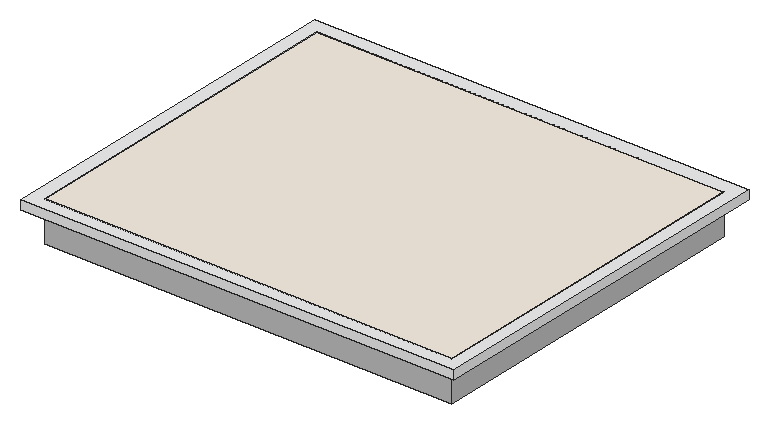
Revit family "Lighting-Industrial-GEWISS-ELIA-HL-LED_HIGHBAY", category Apparecchi per illuminazione, host Superficie, Revit 2019 (continued)
Types (12, lengths in mm): name | Weight (kg): | Weight (kg) | Voltage | Technical sheet | System power | Optic | built-in parameter 1150142 | Lumen output (lm) | Model | IDT | File diagramma fotometrico | Description
    9.22 2498.66 2401.49 \r\n2311.07 2224.04 2140.38 2060.11 1982.37 1908.01 1837.03 \r\n1768.59 1702.08 1638.20 1577.87 1519.56 1461.77 1405.91 \r\n1353.69 1303.33 1253.30 1204.13 1154.86 1107.29 1063.60 \r\n1022.28 981.97 943.53 907.78 873.73 840.44 808.24 777.48 \r\n748.08 719.60 692.39 666.62 642.28 619.30 597.41 576.46 \r\n556.01 535.56 515.37 495.17 475.57 457.57 440.75 425.80 \r\n411.35 396.39 380.84 363.77 347.04 332.34 318.82 306.23 \r\n294.40 282.91 271.75 261.10 251.73 244.80 239.05 233.39 \r\n227.73 222.32 215.39 204.07 191.39 180.49 169.46 157.63 \r\n144.89 130.60 115.60 100.43 85.37 70.87 57.02 43.80 31.96 \r\n22.22 14.54 9.24 5.75 3.57 2.87 \r\n12448.54 12447.69 12442.62 12435.02 12423.19 12407.98 \r\n12389.39 12369.11 12346.29 12320.94 12292.22 12261.79 \r\n12228.84 12192.50 12154.48 12115.61 12073.36 12030.26 \r\n11985.48 11936.47 11887.46 11837.60 11786.06 11731.13 \r\n11673.67 11613.68 11550.31 11482.70 11412.57 11340.74 \r\n11265.54 11187.80 11108.37 11025.56 10941.06 10858.25 \r\n10774.59 10689.25 10602.22 10513.49 10422.23 10329.28 \r\n10232.10 10126.48 10014.09 9897.48 9774.96 9649.06 \r\n9519.77 9388.79 9255.28 9120.08 8979.82 8833.63 8678.15 \r\n8510.84 8334.23 8148.33 7959.05 7767.24 7576.27 7389.52 \r\n7204.47 7021.95 6841.12 6661.13 6481.99 6303.70 6128.78 \r\n5960.63 5795.01 5630.23 5466.30 5304.91 5147.74 4995.64 \r\n4847.77 4703.27 4563.00 4424.42 4289.22 4157.40 4026.42 \r\n3896.30 3768.70 3639.41 3511.82 3385.91 3262.55 3141.71 \r\n3025.10 2914.40 2807.09 2700.62 2597.53 2496.13 2399.80 \r\n2308.54 2223.20 2138.69 2058.42 1981.52 1906.32 1835.34 \r\n1766.89 1699.97 1635.67 1575.08 1516.52 1458.55 1402.70 \r\n1350.48 1300.20 1250.43 1201.51 1152.50 1105.34 1061.91 \r\n1020.68 980.28 941.92 906.26 872.29 838.83 806.47 775.96 \r\n746.56 718.33 691.21 665.35 640.93 617.86 596.06 575.19 \r\n554.91 534.72 514.60 494.32 474.81 456.72 439.99 424.87 \r\n410.33 395.46 380.08 363.35 346.79 332.17 318.65 306.06 \r\n294.06 282.31 271.33 260.77 251.47 244.97 239.39 233.39 \r\n227.30 221.56 214.29 203.14 190.80 179.98 168.92 156.98 \r\n144.15 130.05 115.28 100.19 85.18 70.75 56.94 43.69 31.81 \r\n22.14 14.51 9.24 5.77 3.59 2.87 \r\n12448.54 12447.69 12442.62 12435.02 12423.19 12407.98 \r\n12389.39 12369.95 12346.29 12320.94 12293.90 12262.64 \r\n12229.68 12193.35 12155.32 12115.61 12075.05 12031.95 \r\n11987.17 11939.85 11889.99 11840.14 11788.59 11733.67 \r\n11676.21 11616.22 11552.84 11485.24 11415.10 11343.28 \r\n11267.23 11191.18 11111.75 11028.94 10945.28 10862.47 \r\n10778.82 10693.47 10606.44 10517.72 10427.30 10335.19 \r\n10237.17 10131.55 10019.16 9902.56 9781.72 9655.81 \r\n9527.38 9396.40 9263.73 9126.84 8987.42 8841.23 8684.91 \r\n8517.60 8340.99 8156.78 7966.66 7775.69 7586.41 7398.82 \r\n7213.76 7029.55 6847.03 6667.05 6487.91 6310.46 6134.70 \r\n5966.55 5800.92 5635.30 5472.22 5310.82 5152.81 4999.86 \r\n4850.30 4705.80 4563.85 4425.27 4289.22 4155.71 4024.73 \r\n3895.45 3766.16 3638.57 3510.97 3385.07 3260.85 3140.86 \r\n3024.25 2913.56 2806.24 2700.62 2596.68 2496.13 2398.95 \r\n2308.54 2221.50 2137.85 2057.57 1980.68 1905.47 1833.65 \r\n1765.20 1698.45 1633.81 1572.71 1513.90 1455.77 1399.83 \r\n1347.69 1297.50 1247.98 1199.22 1150.64 1103.91 1060.64 \r\n1019.41 979.10 940.65 905.08 871.11 837.56 805.20 774.70 \r\n745.54 717.32 690.37 664.51 639.83 616.85 594.96 574.18 \r\n554.07 534.04 514.18 493.90 474.21 456.22 439.32 424.11 \r\n409.40 394.53 379.40 362.93 346.70 332.25 318.65 305.89 \r\n293.81 281.98 270.82 260.51 251.47 245.13 239.56 233.30 \r\n226.88 220.71 213.19 202.21 190.12 179.39 168.27 156.22 \r\n143.30 129.40 114.89 99.89 84.91 70.54 56.78 43.51 31.62 \r\n22.01 14.46 9.22 5.78 3.61 2.88 \r\n12448.54 12447.69 12443.47 12435.02 12424.03 12408.82 \r\n12390.23 12369.95 12347.98 12322.63 12293.90 12263.48 \r\n12230.53 12195.04 12157.01 12117.30 12076.74 12034.49 \r\n11988.86 11941.54 11893.37 11843.52 11791.13 11736.20 \r\n11678.74 11618.75 11554.53 11486.93 11417.64 11345.81 \r\n11270.61 11193.72 11115.13 11033.16 10949.51 10866.70 \r\n10783.89 10698.54 10612.35 10523.63 10433.22 10340.26 \r\n10243.93 10137.47 10025.92 9910.16 9789.32 9663.42 \r\n9535.82 9404.85 9271.34 9135.29 8995.02 8847.99 8693.36 \r\n8525.20 8349.44 8165.23 7975.95 7785.83 7595.70 7408.96 \r\n7222.22 7037.16 6854.64 6673.81 6494.67 6315.53 6140.61 \r\n5972.46 5807.68 5641.22 5477.29 5315.89 5157.88 5004.09 \r\n4854.52 4708.34 4565.53 4425.27 4288.38 4154.86 4022.20 \r\n3892.91 3764.47 3636.03 3509.28 3383.38 3260.85 3140.02 \r\n3023.41 2913.56 2806.24 2701.46 2597.53 2495.28 2398.95 \r\n2308.54 2221.50 2137.85 2057.57 1979.84 1905.47 1832.80 \r\n1763.51 1696.76 1632.37 1570.94 1511.70 1453.40 1397.38 \r\n1345.32 1295.30 1245.78 1197.20 1149.20 1102.89 1059.71 \r\n1018.65 978.34 939.98 904.32 870.35 836.63 804.19 773.77 \r\n744.70 716.73 689.94 663.92 639.16 616.00 594.03 573.33 \r\n553.31 533.53 513.84 493.65 473.96 455.88 438.98 423.43 \r\n408.56 393.69 378.64 362.50 346.70 332.34 318.90 305.97 \r\n293.72 281.72 270.40 260.09 251.39 245.22 239.90 233.39 \r\n226.46 219.78 212.01 201.19 189.45 178.72 167.61 155.36 \r\n142.35 128.68 114.44 99.52 84.58 70.24 56.51 43.26 31.38 \r\n21.85 14.39 9.20 5.78 3.62 2.89 \r\n12448.54 12447.69 12443.47 12435.02 12424.03 12408.82 \r\n12391.08 12370.80 12347.98 12322.63 12295.59 12265.17 \r\n12231.37 12195.04 12158.70 12119.83 12079.27 12037.02 \r\n11991.39 11945.76 11895.91 11846.06 11793.66 11738.74 \r\n11681.28 11620.44 11557.06 11490.31 11420.17 11348.35 \r\n11273.99 11197.09 11119.35 11037.39 10954.58 10872.61 \r\n10788.96 10704.46 10618.27 10529.54 10439.13 10346.18 \r\n10249.85 10143.38 10032.68 9916.92 9797.77 9672.72 \r\n9544.27 9414.14 9279.79 9143.74 9003.47 8856.44 8700.97 \r\n8533.65 8357.89 8173.68 7985.25 7795.97 7606.69 7418.25 \r\n7230.66 7044.76 6860.55 6678.88 6499.74 6322.29 6147.37 \r\n5979.22 5812.75 5646.29 5482.36 5321.81 5163.80 5009.16 \r\n4857.90 4710.03 4566.38 4425.27 4287.53 4152.33 4020.51 \r\n3890.38 3761.94 3635.19 3508.44 3382.53 3260.01 3139.17 \r\n3022.56 2913.56 2807.09 2701.46 2596.68 2496.13 2398.95 \r\n2308.54 2222.35 2138.69 2058.42 1980.68 1905.47 1832.80 \r\n1763.51 1695.91 1631.61 1569.67 1510.01 1451.54 1395.52 \r\n1343.38 1293.44 1244.01 1195.67 1148.02 1102.22 1059.21 \r\n1018.14 977.92 939.47 903.90 869.84 836.04 803.59 773.17 \r\n744.19 716.39 689.69 663.58 638.74 615.33 593.44 572.74 \r\n552.71 533.11 513.59 493.56 473.88 455.79 438.72 423.01 \r\n407.88 392.92 377.97 362.25 346.79 332.68 319.24 306.14 \r\n293.55 281.38 269.98 259.84 251.39 245.39 239.98 233.39 \r\n226.12 218.94 210.74 200.10 188.60 177.96 166.84 154.44 \r\n141.33 127.88 113.91 99.08 84.17 69.88 56.18 42.93 31.10 \r\n21.67 14.31 9.17 5.77 3.62 2.90 \r\n12448.54 12447.69 12443.47 12435.02 12424.03 12409.67 \r\n12391.92 12371.64 12349.67 12324.32 12296.44 12265.17 \r\n12231.37 12196.73 12159.55 12121.52 12081.81 12039.56 \r\n11994.77 11948.30 11899.29 11849.43 11797.04 11741.27 \r\n11682.97 11622.97 11558.75 11492.00 11422.71 11350.88 \r\n11278.22 11202.16 11123.58 11041.61 10959.65 10877.68 \r\n10794.88 10710.38 10623.34 10535.46 10445.04 10352.94 \r\n10254.92 10150.14 10039.44 9924.52 9805.38 9681.16 \r\n9553.57 9422.59 9288.24 9153.04 9011.92 8865.74 8710.26 \r\n8542.95 8367.19 8183.82 7996.23 7807.80 7618.52 7428.39 \r\n7240.80 7052.37 6866.47 6684.80 6505.65 6328.20 6153.29 \r\n5985.13 5818.67 5653.05 5488.27 5327.72 5169.71 5013.38 \r\n4862.13 4713.41 4568.07 4425.27 4286.68 4150.64 4017.97 \r\n3887.84 3759.40 3632.65 3506.75 3381.69 3258.32 3138.33 \r\n3022.56 2913.56 2807.93 2702.31 2598.38 2496.97 2399.80 \r\n2308.54 2222.35 2138.69 2059.26 1980.68 1905.47 1832.80 \r\n1763.51 1696.76 1631.19 1568.91 1508.75 1450.19 1394.08 \r\n1341.94 1291.92 1242.57 1194.32 1147.26 1101.80 1059.04 \r\n1017.89 977.83 939.39 903.73 869.59 835.70 803.17 772.75 \r\n743.94 716.39 689.69 663.58 638.40 614.99 592.94 572.15 \r\n552.21 532.86 513.51 493.56 474.04 455.96 438.72 422.67 \r\n407.12 392.16 377.29 362.00 347.04 333.10 319.66 306.40 \r\n293.64 281.13 269.64 259.67 251.30 245.56 240.15 233.30 \r\n225.70 218.01 209.56 199.08 187.84 177.20 166.06 153.46 \r\n140.23 127.01 113.31 98.58 83.71 69.44 55.77 42.57 30.80 \r\n21.47 14.21 9.13 5.76 3.63 2.90 \r\n12448.54 12447.69 12443.47 12435.02 12424.03 12409.67 \r\n12391.92 12371.64 12349.67 12325.17 12298.13 12266.02 \r\n12233.06 12199.26 12162.08 12124.06 12084.34 12042.09 \r\n11998.16 11951.68 11903.51 11852.81 11799.58 11744.66 \r\n11686.35 11625.51 11561.29 11495.38 11425.24 11354.26 \r\n11280.75 11206.39 11127.81 11046.68 10964.72 10883.60 \r\n10800.79 10715.44 10629.25 10541.38 10451.81 10358.85 \r\n10261.68 10156.90 10045.36 9932.13 9813.83 9690.46 \r\n9562.86 9431.89 9298.38 9161.49 9021.22 8875.03 8719.56 \r\n8552.24 8376.48 8193.97 8006.37 7818.78 7629.50 7439.38 \r\n7249.25 7059.97 6873.23 6690.71 6510.72 6333.27 6159.20 \r\n5991.05 5825.43 5658.97 5493.34 5332.80 5174.78 5017.61 \r\n4864.66 4715.10 4568.07 4425.27 4284.99 4148.10 4014.59 \r\n3885.31 3756.87 3630.12 3505.06 3380.84 3257.47 3137.48 \r\n3021.72 2913.56 2807.93 2702.31 2599.22 2497.82 2400.64 \r\n2309.38 2223.20 2140.38 2060.11 1982.37 1905.47 1832.80 \r\n1763.51 1696.34 1631.27 1568.57 1507.99 1449.26 1393.24 \r\n1340.93 1290.82 1241.47 1193.39 1146.75 1101.80 1059.12 \r\n1018.06 977.92 939.56 903.81 869.59 835.62 803.09 772.75 \r\n743.94 716.48 689.94 663.75 638.48 614.82 592.60 571.81 \r\n551.95 532.60 513.51 493.73 474.30 456.22 438.89 422.42 \r\n406.61 391.40 376.70 361.74 347.21 333.52 320.09 306.65 \r\n293.64 280.96 269.47 259.50 251.22 245.56 240.32 233.22 \r\n225.28 217.16 208.29 197.98 187.00 176.35 165.19 152.40 \r\n139.08 126.09 112.66 98.00 83.16 68.94 55.29 42.16 30.47 \r\n21.26 14.11 9.08 5.74 3.63 2.91 \r\n12448.54 12447.69 12443.47 12435.86 12424.88 12409.67 \r\n12391.92 12372.49 12351.36 12326.86 12298.13 12267.71 \r\n12234.75 12200.11 12163.77 12126.59 12086.88 12044.63 \r\n12000.69 11955.06 11906.89 11856.19 11802.96 11747.19 \r\n11688.88 11628.04 11563.82 11497.07 11428.62 11357.64 \r\n11284.97 11208.92 11132.03 11052.60 10969.79 10888.67 \r\n10806.70 10721.36 10635.17 10547.29 10457.72 10365.61 \r\n10268.44 10162.81 10052.97 9940.58 9822.28 9699.75 \r\n9572.16 9441.18 9307.67 9171.63 9029.67 8883.48 8728.85 \r\n8562.38 8386.63 8204.10 8016.51 7829.77 7641.33 7449.52 \r\n7258.55 7066.73 6878.30 6695.78 6514.95 6338.34 6164.27 \r\n5996.97 5830.50 5664.03 5499.26 5337.86 5179.00 5021.83 \r\n4868.05 4715.94 4568.91 4424.42 4283.30 4146.41 4012.06 \r\n3881.08 3753.49 3627.58 3503.37 3379.15 3255.78 3136.64 \r\n3021.72 2913.56 2808.78 2704.00 2600.06 2499.51 2402.34 \r\n2311.92 2224.88 2141.23 2061.80 1983.21 1907.16 1834.49 \r\n1764.36 1696.59 1631.78 1568.57 1507.73 1448.84 1392.73 \r\n1340.34 1290.15 1240.71 1192.80 1146.58 1101.96 1059.38 \r\n1018.39 978.26 939.98 904.15 869.84 835.87 803.26 772.92 \r\n744.19 716.73 690.37 664.09 638.65 614.82 592.43 571.56 \r\n551.70 532.52 513.51 493.99 474.72 456.55 439.15 422.33 \r\n406.02 390.81 376.11 361.58 347.46 333.94 320.68 307.07 \r\n293.81 280.88 269.13 259.33 251.22 245.56 240.40 233.05 \r\n224.77 216.24 207.11 196.80 186.07 175.46 164.23 151.31 \r\n137.90 125.10 111.94 97.36 82.56 68.36 54.76 41.71 30.12 \r\n21.04 14.01 9.03 5.72 3.63 2.91 \r\n12448.54 12447.69 12442.62 12435.86 12424.88 12410.51 \r\n12392.77 12374.18 12352.21 12326.86 12298.97 12268.56 \r\n12236.44 12201.80 12166.31 12129.13 12089.41 12048.01 \r\n12003.22 11958.44 11910.27 11858.73 11805.49 11749.72 \r\n11691.42 11629.73 11566.36 11499.60 11432.00 11361.87 \r\n11288.35 11213.99 11137.10 11056.82 10975.70 10895.43 \r\n10812.62 10728.12 10641.08 10554.05 10464.48 10371.53 \r\n10275.20 10170.42 10060.57 9948.18 9831.57 9708.20 \r\n9581.45 9451.32 9316.97 9180.92 9038.97 8892.78 8738.14 \r\n8571.68 8396.76 8215.09 8028.34 7841.60 7653.16 7460.50 \r\n7266.15 7073.49 6883.37 6700.00 6519.17 6342.57 6169.34 \r\n6001.19 5835.57 5668.26 5502.64 5342.09 5184.07 5026.06 \r\n4870.58 4717.63 4568.91 4424.42 4281.61 4143.88 4008.68 \r\n3877.70 3750.11 3624.20 3500.83 3376.62 3254.94 3135.80 \r\n3020.87 2913.56 2809.62 2704.84 2601.75 2500.35 2404.02 \r\n2312.76 2226.57 2142.92 2063.49 1984.06 1908.85 1835.34 \r\n1765.20 1698.11 1632.62 1569.08 1507.82 1448.84 1392.81 \r\n1340.17 1289.89 1240.38 1192.55 1146.58 1102.56 1059.97 \r\n1018.82 978.85 940.48 904.57 870.18 836.13 803.59 773.26 \r\n744.44 717.24 690.79 664.51 639.07 614.99 592.34 571.30 \r\n551.45 532.43 513.59 494.24 475.23 457.06 439.48 422.25 \r\n405.68 390.22 375.69 361.49 347.72 334.45 321.10 307.41 \r\n293.81 280.79 268.96 259.16 251.13 245.56 240.32 232.80 \r\n224.35 215.39 205.84 195.79 185.14 174.57 163.23 150.18 \r\n136.70 124.09 111.13 96.65 81.90 67.74 54.18 41.24 29.77 \r\n20.82 13.90 8.98 5.69 3.62 2.92 \r\n12448.54 12447.69 12442.62 12435.86 12424.88 12410.51 \r\n12392.77 12374.18 12353.06 12327.70 12300.66 12270.24 \r\n12237.29 12203.49 12168.00 12130.82 12091.10 12049.70 \r\n12006.60 11960.97 11912.81 11862.11 11808.87 11752.26 \r\n11694.80 11633.11 11568.89 11502.98 11434.54 11365.25 \r\n11292.58 11218.22 11141.32 11062.74 10981.62 10900.50 \r\n10818.53 10734.03 10647.00 10559.97 10470.39 10378.29 \r\n10281.11 10177.18 10067.33 9956.63 9840.02 9717.50 \r\n9590.75 9460.62 9327.11 9190.22 9048.26 8902.07 8748.28 \r\n8581.82 8407.75 8225.23 8039.33 7852.58 7664.15 7470.64 \r\n7275.45 7081.10 6888.44 6704.23 6523.40 6346.80 6174.41 \r\n6005.41 5838.95 5671.64 5506.86 5346.31 5186.61 5028.59 \r\n4872.27 4718.48 4568.91 4422.73 4279.92 4140.50 4005.30 \r\n3874.32 3746.73 3621.67 3499.14 3374.93 3253.25 3134.95 \r\n3020.87 2913.56 2810.47 2705.69 2602.60 2501.20 2404.87 \r\n2314.45 2228.26 2144.61 2064.34 1985.75 1909.70 1837.03 \r\n1766.05 1699.29 1633.81 1570.01 1508.41 1449.43 1393.24 \r\n1340.59 1290.06 1240.38 1192.46 1146.92 1103.15 1060.64 \r\n1019.49 979.52 941.25 905.25 870.69 836.63 804.10 773.68 \r\n744.95 717.74 691.38 665.01 639.50 615.24 592.34 571.30 \r\n551.36 532.27 513.59 494.58 475.73 457.65 439.91 422.25 \r\n405.35 389.80 375.10 361.32 348.06 334.79 321.61 307.75 \r\n293.98 280.79 268.79 258.99 251.05 245.47 240.15 232.54 \r\n223.84 214.55 204.74 194.60 184.29 173.61 162.19 149.02 \r\n135.47 123.02 110.28 95.88 81.18 67.06 53.56 40.74 29.42 \r\n20.62 13.80 8.93 5.66 3.62 2.92 \r\n12448.54 12447.69 12442.62 12435.86 12424.88 12410.51 \r\n12393.61 12375.02 12353.90 12329.39 12301.51 12271.09 \r\n12238.13 12204.33 12168.84 12132.51 12092.79 12051.39 \r\n12008.29 11962.66 11914.50 11863.80 11810.56 11753.95 \r\n11696.49 11634.81 11571.43 11505.52 11437.92 11367.78 \r\n11295.96 11222.44 11145.55 11066.97 10985.84 10905.57 \r\n10822.76 10738.26 10652.07 10564.19 10474.62 10382.51 \r\n10286.18 10183.09 10073.24 9962.55 9846.78 9725.10 \r\n9597.51 9468.22 9334.72 9197.82 9056.71 8911.37 8756.73 \r\n8591.96 8417.89 8236.22 8049.47 7862.72 7672.60 7477.40 \r\n7281.36 7084.48 6890.97 6704.23 6524.24 6346.80 6174.41 \r\n6005.41 5838.95 5671.64 5506.02 5344.63 5185.77 5026.90 \r\n4869.73 4715.94 4565.53 4419.35 4277.39 4137.12 4001.07 \r\n3869.25 3740.81 3616.60 3494.07 3370.70 3249.87 3132.41 \r\n3019.18 2911.87 2808.78 2704.00 2602.60 2502.89 2406.56 \r\n2316.14 2229.11 2146.30 2066.87 1988.28 1912.23 1839.56 \r\n1769.43 1701.75 1636.68 1572.97 1511.70 1452.89 1396.70 \r\n1343.47 1292.43 1242.32 1194.15 1148.36 1104.58 1061.91 \r\n1020.68 980.54 942.17 906.09 871.45 837.56 805.03 774.61 \r\n745.80 718.50 692.05 665.78 640.26 615.84 592.85 571.56 \r\n551.36 532.10 513.42 494.75 476.41 458.24 440.41 422.50 \r\n405.26 389.71 375.18 361.41 348.14 335.04 321.78 307.92 \r\n294.23 281.05 268.96 258.99 250.80 245.05 239.56 231.87 \r\n223.33 213.95 203.98 193.76 183.20 172.52 161.04 147.86 \r\n134.30 121.83 109.10 94.78 80.20 66.21 52.87 40.29 29.19 \r\n20.51 13.76 8.91 5.64 3.60 2.90 \r\n12448.54 12447.69 12442.62 12435.86 12424.88 12411.36 \r\n12393.61 12375.02 12354.74 12330.24 12303.20 12271.93 \r\n12240.67 12206.02 12170.53 12133.35 12094.48 12053.92 \r\n12009.98 11964.35 11917.03 11865.49 11813.10 11756.48 \r\n11699.02 11637.34 11573.97 11508.90 11440.45 11372.01 \r\n11300.18 11226.67 11150.62 11072.03 10991.76 10910.64 \r\n10827.83 10742.48 10656.29 10568.41 10479.69 10387.58 \r\n10291.25 10187.32 10079.16 9968.47 9852.70 9731.02 \r\n9605.11 9474.98 9342.32 9204.58 9063.47 8918.13 8766.03 \r\n8602.10 8428.03 8246.35 8059.61 7872.02 7681.05 7485.85 \r\n7287.28 7088.70 6893.51 6705.92 6524.24 6347.64 6175.26 \r\n6005.41 5838.10 5670.80 5504.33 5342.09 5183.23 5023.52 \r\n4867.20 4712
